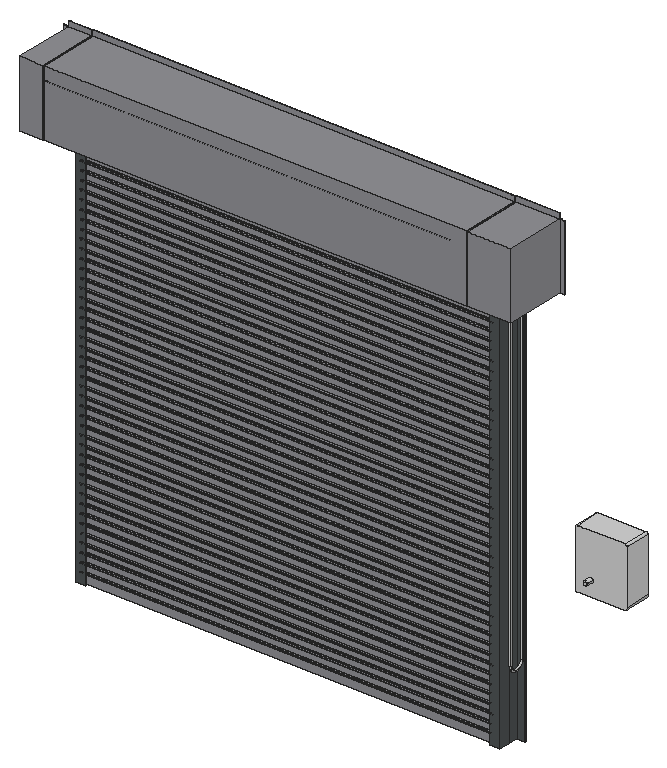
Revit family "Doors_Industrial_Overhead-Door-Corporation_RapidSlat-Rolling-Steel-Service-Doors-621_", category Specialty Equipment, host Wall, Revit 2019 (continued)
Definition of nested family "621"
  Definition of nested family "Perforation"
    Forms (in)
      Extrusion 1, solid, material <- "Perforation"
        sketch origin (0, -0.19, 0) x (0, 1, 0) y (0, 0, 1)
          loop
            line (0.16, 0.5) -> (0.16, -0.5) -> (0.22, -0.5) -> (0.22, 0.5) -> (0.16, 0.5)
        from -59.8125 to 59.8125
    Dimensions and locks (in)
      equal spacing: plane 4, level, plane 5
      "Height": plane 4 to plane 5
      equal spacing: plane 6, plane 1 "Center (Front/Back)", plane 7
      locked: plane 6 to plane 7 at 0.06
      "Opening Width": plane 8 to plane 9
      "Offset": plane 8 to plane 10
      "Offset": plane 9 to plane 11
      equal spacing: plane 8, plane 3 "Center (Left/Right)", plane 9
      aligned and locked: plane 2 to level
      aligned and locked: plane 4 to Extrusion 1
      aligned and locked: Extrusion 1 to plane 5
      aligned and locked: plane 6 to Extrusion 1
      aligned and locked: plane 7 to Extrusion 1
      aligned and locked: Extrusion 1 to plane 10
      aligned and locked: plane 11 to Extrusion 1
    Automatic sketch dimensions
      Extrusion 1 sketch curve to level = 1/2"
      plane 1 "Center (Front/Back)" to Extrusion 1 sketch curve = 0.03"
      Extrusion 1 sketch curve to plane 1 "Center (Front/Back)" = 0.03"
      plane 4 to Extrusion 1 sketch curve = 0"
Definition of nested family "Label Annotation 1"
  Parameters (values of type "Label Annotation 1-8")
    Label = "Area is too big. Please reduce Door Size."
  Reference planes (in)
    plane 1: y = 0
    plane 2: x = 0
  Text (in)
    label "Label" at (0.00375, -0.00345, 0), shows "Label"
Definition of nested family "Warning Sign"
  Parameters (values of type "Warning Sign")
    Warning Sign [instance] = no
    Default Elevation = 48"
  Reference planes (in)
    plane 1 "Center (Front/Back)": y = 0
    plane 2: z = 0
    plane 3 "Center (Left/Right)": x = 0
    plane 4: y = 0.5
    plane 5: y = -0.5
    plane 6: y = 1
    plane 7: y = 0.25
  Lines and regions (in)
    model lines
      curve 1: line (-2.26129, 1, 45.69444) -> (-26.3817, 1, 3.91667)
      curve 2: line (-25.25106, 1, 3.26389) -> (-1.13064, 1, 45.04167)
      curve 3: arc (2.26129, 1, 45.69444) -> (0, 1, 47) -> (-2.26129, 1, 45.69444) r 2.61111
      curve 4: arc (-1.13064, 1, 45.04167) -> (0, 1, 45.69444) -> (1.13064, 1, 45.04167) r 1.30556
      curve 5: line (1.13064, 1, 45.04167) -> (25.25106, 1, 3.26389)
      curve 6: line (26.3817, 1, 3.91667) -> (2.26129, 1, 45.69444)
      curve 7: arc (25.25106, 1, 3.26389) -> (25.25106, 1, 1.95833) -> (24.12041, 1, 1.30556) r 1.30556
      curve 8: arc (24.12041, 1, 0) -> (26.3817, 1, 1.30556) -> (26.3817, 1, 3.91667) r 2.61111
      curve 9: line (24.12041, 1, 1.30556) -> (-24.12041, 1, 1.30556)
      curve 10: line (-24.12041, 1, 0) -> (24.12041, 1, 0)
      curve 11: arc (-24.12041, 1, 1.30556) -> (-25.25106, 1, 1.95833) -> (-25.25106, 1, 3.26389) r 1.30556
      curve 12: arc (-26.3817, 1, 3.91667) -> (-26.3817, 1, 1.30556) -> (-24.12041, 1, 0) r 2.61111
      curve 13: arc (-2.29479, 1, 8.63537) -> (0, 1, 6.34057) -> (2.29479, 1, 8.63537) r 2.29479
      curve 14: arc (2.29479, 1, 8.63537) -> (0, 1, 10.93016) -> (-2.29479, 1, 8.63537) r 2.29479
      curve 15: arc (-1.6331, 1, 13.97069) -> (0.03439, 1, 12.53727) -> (1.69278, 1, 13.98121) r 1.68043
      curve 16: line (-3.77413, 1, 28.37873) -> (-1.6331, 1, 13.97069)
      curve 17: line (1.69278, 1, 13.98121) -> (3.73924, 1, 28.37873)
      curve 18: arc (3.73924, 1, 28.37873) -> (-0.01745, 1, 32.13541) -> (-3.77413, 1, 28.37873) r 3.75668
      curve 19: line (-2.26129, -0.5, 45.69444) -> (-26.3817, -0.5, 3.91667)
      curve 20: line (-25.25106, -0.5, 3.26389) -> (-1.13064, -0.5, 45.04167)
      curve 21: arc (2.26129, -0.5, 45.69444) -> (0, -0.5, 47) -> (-2.26129, -0.5, 45.69444) r 2.61111
      curve 22: arc (-1.13064, -0.5, 45.04167) -> (0, -0.5, 45.69444) -> (1.13064, -0.5, 45.04167) r 1.30556
      curve 23: line (1.13064, -0.5, 45.04167) -> (25.25106, -0.5, 3.26389)
      curve 24: line (26.3817, -0.5, 3.91667) -> (2.26129, -0.5, 45.69444)
      curve 25: arc (25.25106, -0.5, 3.26389) -> (25.25106, -0.5, 1.95833) -> (24.12041, -0.5, 1.30556) r 1.30556
      curve 26: arc (24.12041, -0.5, 0) -> (26.3817, -0.5, 1.30556) -> (26.3817, -0.5, 3.91667) r 2.61111
      curve 27: line (24.12041, -0.5, 1.30556) -> (-24.12041, -0.5, 1.30556)
      curve 28: line (-24.12041, -0.5, 0) -> (24.12041, -0.5, 0)
      curve 29: arc (-24.12041, -0.5, 1.30556) -> (-25.25106, -0.5, 1.95833) -> (-25.25106, -0.5, 3.26389) r 1.30556
      curve 30: arc (-26.3817, -0.5, 3.91667) -> (-26.3817, -0.5, 1.30556) -> (-24.12041, -0.5, 0) r 2.61111
      curve 31: arc (-2.29479, -0.5, 8.63537) -> (0, -0.5, 6.34057) -> (2.29479, -0.5, 8.63537) r 2.29479
      curve 32: arc (2.29479, -0.5, 8.63537) -> (0, -0.5, 10.93016) -> (-2.29479, -0.5, 8.63537) r 2.29479
      curve 33: arc (-1.6331, -0.5, 13.97069) -> (0.03439, -0.5, 12.53727) -> (1.69278, -0.5, 13.98121) r 1.68043
      curve 34: line (-3.77413, -0.5, 28.37873) -> (-1.6331, -0.5, 13.97069)
      curve 35: line (1.69278, -0.5, 13.98121) -> (3.73924, -0.5, 28.37873)
      curve 36: arc (3.73924, -0.5, 28.37873) -> (-0.01745, -0.5, 32.13541) -> (-3.77413, -0.5, 28.37873) r 3.75668
  Dimensions and locks (in)
    locked: plane 1 "Center (Front/Back)" to plane 4 at 0.5
    equal spacing: plane 1 "Center (Front/Back)", plane 7, plane 4
    locked: plane 4 to plane 6 at 0.5
    locked: plane 5 to plane 1 "Center (Front/Back)" at 0.5
    aligned and locked: plane 2 to level
  Automatic sketch dimensions
    curve 21 to curve 22 = 0"  (x2)
    curve 25 to curve 26 = 0"  (x2)
    curve 29 to curve 30 = 0"  (x2)
    curve 31 to curve 32 = 0"  (x2)
    curve 21 to plane 3 "Center (Left/Right)" = 0"
    curve 31 to plane 3 "Center (Left/Right)" = 0"
    curve 30 to level = 0"
    level to curve 27 = 1.30556"
    curve 26 to curve 27 = 1.30556"
    curve 29 to curve 27 = 1.30556"
    curve 23 to curve 25 = 0.65278"
    curve 20 to curve 29 = 0.65278"
    curve 24 to curve 23 = 0.65278"
    curve 19 to curve 20 = 0.65278"
    level to curve 32 = 8.63537"
    curve 34 to plane 3 "Center (Left/Right)" = 1.6331"
    curve 34 to curve 31 = 5.33532"
    plane 3 "Center (Left/Right)" to curve 35 = 1.69278"
    curve 35 to curve 34 = 0.01052"
    plane 3 "Center (Left/Right)" to curve 33 = 0.02908"
    curve 36 to plane 3 "Center (Left/Right)" = 0.01745"
    curve 36 to curve 33 = 14.16104"
    curve 22 to curve 36 = 16.01016"
    plane 3 "Center (Left/Right)" to curve 23 = 1.13064"
    curve 23 to curve 21 = 0.65278"
    curve 20 to plane 3 "Center (Left/Right)" = 1.13064"
    plane 3 "Center (Left/Right)" to curve 24 = 2.26129"
    curve 24 to curve 22 = 0.65278"
    curve 19 to plane 3 "Center (Left/Right)" = 2.26129"
    curve 34 to curve 36 = 3.75668"
    curve 30 to plane 3 "Center (Left/Right)" = 24.12041"
    plane 3 "Center (Left/Right)" to curve 25 = 24.12041"
    curve 31 to curve 31 = 2.29479"
    curve 3 to curve 4 = 0"  (x2)
    curve 7 to curve 8 = 0"  (x2)
    curve 11 to curve 12 = 0"  (x2)
    curve 13 to curve 14 = 0"  (x2)
    curve 3 to plane 3 "Center (Left/Right)" = 0"
    curve 13 to plane 3 "Center (Left/Right)" = 0"
    curve 12 to level = 0"
    level to curve 9 = 1.30556"
    curve 8 to curve 9 = 1.30556"
    curve 11 to curve 9 = 1.30556"
    curve 5 to curve 7 = 0.65278"
    curve 2 to curve 11 = 0.65278"
    curve 6 to curve 5 = 0.65278"
    curve 1 to curve 2 = 0.65278"
    level to curve 14 = 8.63537"
    curve 16 to plane 3 "Center (Left/Right)" = 1.6331"
    curve 16 to curve 13 = 5.33532"
    plane 3 "Center (Left/Right)" to curve 17 = 1.69278"
    curve 17 to curve 16 = 0.01052"
    plane 3 "Center (Left/Right)" to curve 15 = 0.02908"
    curve 18 to plane 3 "Center (Left/Right)" = 0.01745"
    curve 18 to curve 15 = 14.16104"
    curve 4 to curve 18 = 16.01016"
    plane 3 "Center (Left/Right)" to curve 5 = 1.13064"
    curve 5 to curve 3 = 0.65278"
    curve 2 to plane 3 "Center (Left/Right)" = 1.13064"
    plane 3 "Center (Left/Right)" to curve 6 = 2.26129"
    curve 6 to curve 4 = 0.65278"
    curve 1 to plane 3 "Center (Left/Right)" = 2.26129"
    curve 16 to curve 18 = 3.75668"
    curve 12 to plane 3 "Center (Left/Right)" = 24.12041"
    plane 3 "Center (Left/Right)" to curve 7 = 24.12041"
    curve 13 to curve 13 = 2.29479"
Types (6): name | Voltage | Number of Poles | Apparent Load Phase 3 | Apparent Load Phase 2 | Apparent Load Phase 1
  208 volts, one phase, 60 Hz (208-240V range) | 208 V | 1 | 0 VA | 0 VA | 4160 VA
  220 volts, one phase, 60 Hz (220-240V range) | 220 V | 1 | 0 VA | 0 VA | 4400 VA
  208 volts, three phase, 60 Hz (208-240V range) | 208 V | 3 | 2401.78 VA | 2401.78 VA | 2401.78 VA
  230 volts, three phase, 60 Hz (220-240V range) | 230 V | 3 | 2655.81 VA | 2655.81 VA | 2655.81 VA
  460 volts, three phase, 60 Hz (440-480 V range) | 460 V | 3 | 5311.62 VA | 5311.62 VA | 5311.62 VA
  575 volts, three phase, 60 Hz | 575 V | 3 | 6639.53 VA | 6639.53 VA | 6639.53 VA
